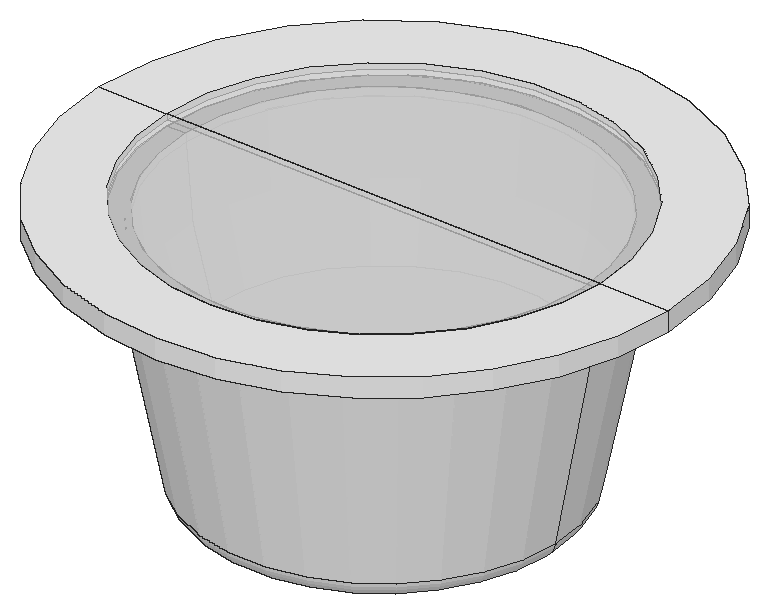
Revit family "2060567+2028036 Sylvania Lighting Fixture ASCENT 100 II ARCH 2700 4K DALI 160 with IP44 Frost Glass", category Lighting Fixtures, host Face, Revit 2016
Family settings
  Host = Face
  Part Type = Normal
  Round Connector Dimension = Use Diameter
  OmniClass Number = 23.80.70.11.17
  OmniClass Title = Specialized Lighting by Location or Use
  Cut with Voids When Loaded = No
  Light Source = Yes
  Shared = No
  Room Calculation Point = No
Parameters (values of type "2060567+2028036 ASCT100 II ARCH 2700 4K DALI 160 with IP44 Frost Glass")
  WidthBezelAcc_SYL = 25.0 mm
  Weight = "1.2 kg"
  Wattage = 21 W
  WarrantyStartDate [instance] = "n/a"
  WarrantyGuarantorParts = "n/a"
  WarrantyDurationUnit = "n/a"
  WarrantyDurationParts = "n/a"
  WarrantyDescription = "n/a"
  built-in parameter 1150110 = 1 (stored number, unit not read)
  Voltage = 0 V
  VisibilityAccessory_SYL = yes
  TypeName = "ASCENT 100 II ARCH 2700 4K DALI 160 with IP44 Frost Glass"
  built-in parameter 1114217 = 1 (stored number, unit not read)
  Tilt Angle = -90°
  built-in parameter 1150109 = 1 (stored number, unit not read)
  built-in parameter 1150134 = 12
  built-in parameter 1150113 = 1 (stored number, unit not read)
  SerialNumber [instance] = "n/a"
  ReflectorRadius_SYL = Radius_SYL - 14.5 mm  # 80.0 mm
  RadiusAcc_SYL = 105.0 mm
  Radius_SYL = 94.5 mm
  URL = "http://www.sylvania-lighting.com"
  PowerFactor = 0
  PowerConsumption = "21 W"
  Photometric Web File = "2060567.ies"
  NominalWidth = 0.0 mm
  NominalLength = 0.0 mm
  NominalHeight = 94.0 mm
  Name = "ASCENT 100 II ARCH 2700 4K DALI 160 with IP44 Frost Glass"
  ModelReference = "ASCENT 100 II ARCH 2700 4K DALI 160 with IP44 Frost Glass"
  ModelNumber = "2060567+2028036"
  Material_4_SYL = none
  Material_3_SYL = Polycarbonate_Sylvania_Ascent_Opal
  Material_2_SYL = Aluminium_Sylvania_Ascent_Silver
  Material_1_SYL = Aluminum_Sylvania_Ascent_White
  Material = "aluminium housing, arcylic diffuser"
  ManufacturerName = "Feilo Sylvania"
  LuminousEfficacy = "132 lm/W"
  built-in parameter 1150105 = 220.59 (stored number, unit not read)
  Lumens = 2772 lm
  LuminaireType = ""
  built-in parameter 1150115 = 1 (stored number, unit not read)
  LightOutputRatio = "100"
  built-in parameter 1150137 = (empty or 0)
  built-in parameter 1150139 = (empty or 0)
  LampsType = Lamp  # "LED"
  LampNominalLuminous = "2767 lm"
  LampMacAdamStep = "3"
  LampColourTemperature = "4000 K"
  LampColourRenderingIndex = "80"
  built-in parameter 1150112 = 1 (stored number, unit not read)
  built-in parameter 1150114 = 1 (stored number, unit not read)
  Keynote = "16500"
  InstallationDate [instance] = "n/a"
  InputVoltage = "n/a"
  InputNominalFrequency = "n/a"
  built-in parameter 1150132 = (empty or 0)
  built-in parameter 1150102 = (empty or 0)
  built-in parameter 1150107 = 4000 (stored number, unit not read)
  built-in parameter 1150138 = (empty or 0)
  IngressProtection = "IP44"
  ImpactProtectionIndex = "IK02"
  built-in parameter 1150106 = 2.2059 (stored number, unit not read)
  IfcExportType = "IfcLightFixtureType"
  IfcExportAs = "IfcLightFixtureType"
  Height_SYL = 94.0 mm
  HeightAcc_SYL = 7.0 mm
  ExpectedLife = 50000
  EmittionSurface_SYL = if(VisibilityAccessory_SYL, 7.0 mm, 3.0 mm)  # 7.0 mm
  Emit from Circle Diameter = DiffuserRadius_SYL * 2  # 146.0 mm
  Emit Shape Visible in Rendering = no
  ElectricShockClassification = "Class II"
  built-in parameter 1150104 = 12.263 (stored number, unit not read)
  DurationUnit = "hours"
  DocumentationLiterature = "http://www.sylvania-lighting.com/product/en-int/products/2060567"
  DimmingControlOptions = "n/a"
  Dimming Lamp Color Temperature Shift = <None>
  DiffuserRadius_SYL = ReflectorRadius_SYL - 7.0 mm  # 73.0 mm
  Diameter_SYL = 2 * Radius_SYL  # 189.0 mm
  CutoutDiameter_SYL = Diameter_SYL - 13.0 mm  # 176.0 mm
  CreatedOn = "9/17/2018"
  CreatedBy = "@sylvania-lighting.com"
  Color Filter = 16777215
  built-in parameter 1114216 [instance] = 1 (stored number, unit not read)
  Model = "ASCENT 100 II ARCH 2700 4K DALI 160 with IP44 Frost Glass"
  Manufacturer = "Feilo Sylvania"
  Lamp = "LED"
  Description = "Direct LED retro fit for original LED 100 Arch (160) single CFL lamp offering Matching lumen levels and improved light distribution of original LED 100 CFL lamp equivalents Typically half the power consumption compared to CFL Up to 112lm/W 160mm aperture Architectural reflector accepts range of glass accessories from existing LED 100 Arch 160 offering HE, HO and VHO versions equivalent of single 1 x 18W, 1 x 32W, 1 x 42W\r\n Additional VVHO versions which offer the performance circa 2 x 32W equivalent"  # constant formula
  Default Elevation = 0.0 mm
  built-in parameter 1140040 [instance] = 1
  BarCode [instance] = "n/a"
  built-in parameter 1114218 = 1 (stored number, unit not read)
  built-in parameter 1150133 = 10 (stored number, unit not read)
  AssetType = "Fixed"
  AssetIdentifier [instance] = "n/a"
  Assembly Code = "D5020200"
  Apparent Load = 21 VA
  Aperture_SYL = 2 * ReflectorRadius_SYL  # 160.0 mm
Reference planes
  plane 1 "Center (Front/Back)": y = 0
  plane 2: z = 0
  plane 3 "Center (Left/Right)": x = 0
  plane 4 "Fixture Bottom": z = 3
  plane 5: z = -52.5
  plane 6 "Fixture Top": z = -91
  plane 7: x = -105
  plane 8: z = 7
  plane 9: x = -80
  plane 10: z = 5
  plane 11: x = -103
Forms (mm)
  Extrusion 1, solid, material "Aluminum_Sylvania_Ascent_White", detail levels fine
    sketch origin (0, 0, 0) x (1, 0, 0) y (0, 1, 0)
      loop
        circle (0, 0) r 94.5
      loop
        circle (0, 0) r 80
    from 0 to 3
  Extrusion 2, void
    sketch origin (0, 0, 0) x (1, 0, 0) y (0, 1, 0)
      loop
        circle (0, 0) r 88
    from -91 to 3
  Revolve 3, solid, material "Aluminum_Sylvania_Ascent_White" <- "Material_1_SYL", detail levels fine
    sketch origin (0, 0, 0) x (1, 0, 0) y (0, 0, 1)
      loop
        line (0, -91.073) -> (0, -89.023) -> (-55.468, -89.014)
        arc (-55.468, -89.014) -> (-59.352, -87.613) -> (-61.54, -84.139) r 6.307
        line (-61.54, -84.139) -> (-77.991, -2.844) -> (-77.991, 0) -> (-80, 0) -> (-80, -3) -> (-63.5, -84.536)
        arc (-63.5, -84.536) -> (-60.643, -89.203) -> (-55.5, -91.073) r 8.291
        line (-55.5, -91.073) -> (0, -91.073)
      axis (0, 0) -> (0, -91.073)
    angle from 0 to 360
  Revolve 4, solid, material "Aluminium_Sylvania_Ascent_Silver" <- "Material_2_SYL", detail levels fine
    sketch origin (0, 0, 0) x (1, 0, 0) y (0, 0, 1)
      loop
        line (-80, 3) -> (-80, 0) -> (-75, 0)
        arc (-75, 0) -> (-72.349, -26.77) -> (-64.5, -52.5) r 136.5
        line (-64.5, -52.5) -> (-58, -52.5)
        arc (-58, -52.5) -> (-56.857, -61.521) -> (-53.5, -69.971) r 36.166
        line (-53.5, -69.971) -> (0, -69.971) -> (0, -50.5) -> (-63.16, -50.5)
        arc (-63.16, -50.5) -> (-70.517, -25.725) -> (-73, 0) r 134.5
        line (-73, 0) -> (-73, 3) -> (-80, 3)
      axis (0, 3) -> (0, -69.971)
    angle from 0 to 360
  Extrusion 5, solid, material "Polycarbonate_Sylvania_Ascent_Opal" <- "Material_3_SYL", detail levels fine
    sketch origin (0, 0, 0) x (1, 0, 0) y (0, 1, 0)
      loop
        circle (0, 0) r 73
    from 0 to 3
  Revolve 6, solid, material "Aluminum_Sylvania_Ascent_White" <- "Material_1_SYL", detail levels coarse+medium
    sketch origin (0, 0, 0) x (1, 0, 0) y (0, 0, 1)
      loop
        line (0, -91.073) -> (0, 3) -> (-94.5, 3) -> (-94.5, 0) -> (-79.5, 0) -> (-79.5, -3) -> (-63, -84.536)
        arc (-63, -84.536) -> (-60.143, -89.203) -> (-55, -91.073) r 8.291
        line (-55, -91.073) -> (0, -91.073)
      axis (0, 3) -> (0, -91.073)
    angle from 0 to 360
  Revolve 7, solid, material "Aluminum_Sylvania_Ascent_White" <- "Material_1_SYL", visible <- "VisibilityAccessory_SYL"
    sketch origin (0, 0, 0) x (1, 0, 0) y (0, 0, 1)
      loop
        line (-105, 0) -> (-103, 0) -> (-103, 5) -> (-80, 5) -> (-80, 7) -> (-105, 7) -> (-105, 0)
      axis (0, 7) -> (0, 0)
    angle from 0 to 360
  Revolve 8, solid, material "Polycarbonate_Sylvania_Ascent_Opal" <- "Material_3_SYL", visible <- "VisibilityAccessory_SYL"
    sketch origin (0, 0, 0) x (1, 0, 0) y (0, 0, 1)
      loop
        line (-80, 7) -> (-80, 5) -> (0, 5) -> (0, 7) -> (-80, 7)
      axis (0, 7) -> (0, 5)
    angle from 0 to 360
Lines and regions (mm)
  reference lines
    curve 1: line (-150, 0, 7) -> (125, 0, 7)
Dimensions and locks
  locked: plane 4 "Fixture Bottom" to plane 2 at 3
  "Height_SYL": plane 4 "Fixture Bottom" to plane 6 "Fixture Top"
  "ReflectorRadius_SYL": plane 3 "Center (Left/Right)" to Revolve 4 sketch curve
  locked: Revolve 4 sketch curve to Revolve 4 sketch curve at 15.5
  locked: Revolve 4 sketch curve to Revolve 4 sketch curve at 5
  locked: Revolve 4 sketch curve to Revolve 4 sketch curve at 7
  locked: Revolve 4 sketch curve to Revolve 4 sketch curve at 22
  locked: Revolve 4 sketch curve to Revolve 4 sketch curve at 26.5
  locked: Revolve 3 sketch curve to Revolve 3 sketch curve at 16.5
  locked: Revolve 3 sketch curve to Revolve 3 sketch curve at 24.5
  "ReflectorRadius_SYL": Revolve 3 sketch curve to plane 3 "Center (Left/Right)"
  locked: Revolve 3 sketch curve to plane 6 "Fixture Top" at 6.464
  locked: plane 2 to Revolve 3 sketch curve at 3
  locked: Revolve 3 sketch curve to Revolve 3 sketch curve at 2
  locked: Revolve 3 sketch curve to Revolve 3 sketch curve at 2.009
  locked: plane 2 to plane 5 at 52.5
  locked: Revolve 6 sketch curve to Revolve 6 sketch curve at 31.5
  locked: Revolve 6 sketch curve to Revolve 6 sketch curve at 39.5
  locked: Revolve 6 sketch curve to Revolve 6 sketch curve at 15
  "Radius_SYL": plane 3 "Center (Left/Right)" to Revolve 6 sketch curve
  "RadiusAcc_SYL": plane 3 "Center (Left/Right)" to plane 7
  "HeightAcc_SYL": plane 8 to level
  "WidthBezelAcc_SYL": plane 7 to plane 9
  locked: plane 7 to plane 11 at 2
  locked: plane 8 to plane 10 at 2
  "EmittionSurface_SYL": curve 1 to level
  "CutoutDiameter_SYL": diameter of Extrusion 2 sketch curve
  "ReflectorRadius_SYL": radius of Extrusion 1 sketch curve
  "DiffuserRadius_SYL": radius of Extrusion 5 sketch curve
  "Radius_SYL": radius of Extrusion 1 sketch curve
  aligned and locked: host face to plane 2
  aligned and locked: host face to level
  aligned and locked: plane 4 "Fixture Bottom" to Extrusion 1
  aligned and locked: Extrusion 1 to plane 2
  aligned and locked: Revolve 3 sketch curve to plane 3 "Center (Left/Right)"
  aligned and locked: Revolve 4 sketch curve to plane 3 "Center (Left/Right)"  (x2)
  aligned and locked: plane 4 "Fixture Bottom" to Revolve 4 sketch curve
  aligned and locked: Extrusion 5 to plane 2
  aligned and locked: plane 2 to Revolve 3 sketch curve  (x2)
  aligned and locked: Revolve 6 sketch curve to plane 3 "Center (Left/Right)"
  aligned and locked: plane 6 "Fixture Top" to Extrusion 2
  aligned and locked: Revolve 7 sketch curve to plane 3 "Center (Left/Right)"
  aligned and locked: host face to Revolve 7 sketch curve  (x2)
  aligned and locked: Revolve 7 sketch curve to plane 7
  aligned and locked: plane 8 to Revolve 7 sketch curve
  aligned and locked: plane 9 to Revolve 7 sketch curve
  aligned and locked: Revolve 7 sketch curve to plane 10
  aligned and locked: plane 11 to Revolve 7 sketch curve
  aligned and locked: Revolve 7 to Revolve 8 sketch curve
  aligned and locked: Revolve 8 sketch curve to Revolve 7  (x2)
  aligned and locked: Revolve 8 sketch curve to plane 3 "Center (Left/Right)"  (x2)
  aligned and locked: plane 3 "Center (Left/Right)" to imposter light
  aligned and locked: imposter light to plane 1 "Center (Front/Back)"
  aligned and locked: imposter light to curve 1
Automatic sketch dimensions
  plane 1 "Center (Front/Back)" to Extrusion 2 sketch curve = 0.0 mm
  Extrusion 2 sketch curve to plane 3 "Center (Left/Right)" = 0.0 mm
  Extrusion 1 sketch curve to Extrusion 1 sketch curve = 0.0 mm  (x2)
  plane 1 "Center (Front/Back)" to Extrusion 1 sketch curve = 0.0 mm
  Extrusion 1 sketch curve to plane 3 "Center (Left/Right)" = 0.0 mm
  plane 6 "Fixture Top" to Revolve 3 sketch curve = 0.073 mm
  Revolve 3 sketch curve to plane 6 "Fixture Top" = 6.861 mm
  Revolve 3 sketch curve to Revolve 3 sketch curve = 0.003 mm
  Revolve 3 sketch curve to Revolve 3 sketch curve = 0.009 mm  (x2)
  Revolve 3 sketch curve to Revolve 3 sketch curve = 0.023 mm
  Revolve 3 sketch curve to Revolve 3 sketch curve = 0.072 mm
  Revolve 3 sketch curve to Revolve 3 sketch curve = 0.008 mm
  Revolve 3 sketch curve to plane 6 "Fixture Top" = 1.977 mm
  Revolve 3 sketch curve to Revolve 3 sketch curve = 33.496 mm
  Revolve 3 sketch curve to Revolve 3 sketch curve = 0.028 mm
  plane 4 "Fixture Bottom" to Revolve 3 sketch curve = 82.431 mm
  Revolve 4 sketch curve to Revolve 4 sketch curve = 0.0 mm  (x2)
  Revolve 4 sketch curve to plane 5 = 0.0 mm
  Revolve 4 sketch curve to level = 0.0 mm
  plane 5 to Revolve 4 sketch curve = 2.0 mm
  plane 4 "Fixture Bottom" to Revolve 4 sketch curve = 9.642 mm
  plane 1 "Center (Front/Back)" to Extrusion 5 sketch curve = 0.0 mm
  Extrusion 5 sketch curve to plane 3 "Center (Left/Right)" = 0.0 mm
  Revolve 4 sketch curve to level = 69.971 mm
  Revolve 4 sketch curve to Revolve 4 sketch curve = 2.387 mm
  Revolve 6 sketch curve to level = 0.0 mm
  Revolve 6 sketch curve to plane 3 "Center (Left/Right)" = 0.0 mm
  Revolve 6 sketch curve to Revolve 6 sketch curve = 8.104 mm
  Revolve 6 sketch curve to level = 3.0 mm
  Revolve 6 sketch curve to plane 6 "Fixture Top" = 6.464 mm
  plane 6 "Fixture Top" to Revolve 6 sketch curve = 0.073 mm
  Revolve 6 sketch curve to Revolve 6 sketch curve = 33.496 mm
  plane 4 "Fixture Bottom" to Revolve 6 sketch curve = 82.431 mm
  host sketch curve to host sketch curve = 1704.996 mm
  host sketch curve to host sketch curve = 1500.0 mm
  plane 6 "Fixture Top" to Revolve 7 sketch curve = 281.274 mm
  Revolve 7 sketch curve to plane 8 = 1140.706 mm
  plane 6 "Fixture Top" to Revolve 8 sketch curve = 281.274 mm
  Revolve 8 sketch curve to Revolve 8 sketch curve = 1140.706 mm
  Revolve 3 sketch curve to plane 3 "Center (Left/Right)" = 0.0 mm
  Revolve 6 sketch curve to plane 4 "Fixture Bottom" = 0.0 mm
  plane 7 to curve 1 = 45.0 mm
  plane 3 "Center (Left/Right)" to curve 1 = 125.0 mm
Connectors
  electrical at (0, 0, -91.073), driven by "Apparent Load"
    settings: on Revolve 3, index 1, voltage 240 V, apparent load 0 VA, apparent load phase1 21 VA, apparent load phase2 0 VA, apparent load phase3 0 VA, power factor 1, load classification "Lighting", number of poles 1, system type 31, power factor state 1, is connector primary yes, connector utility no, sub classification motor no, connector description ""
